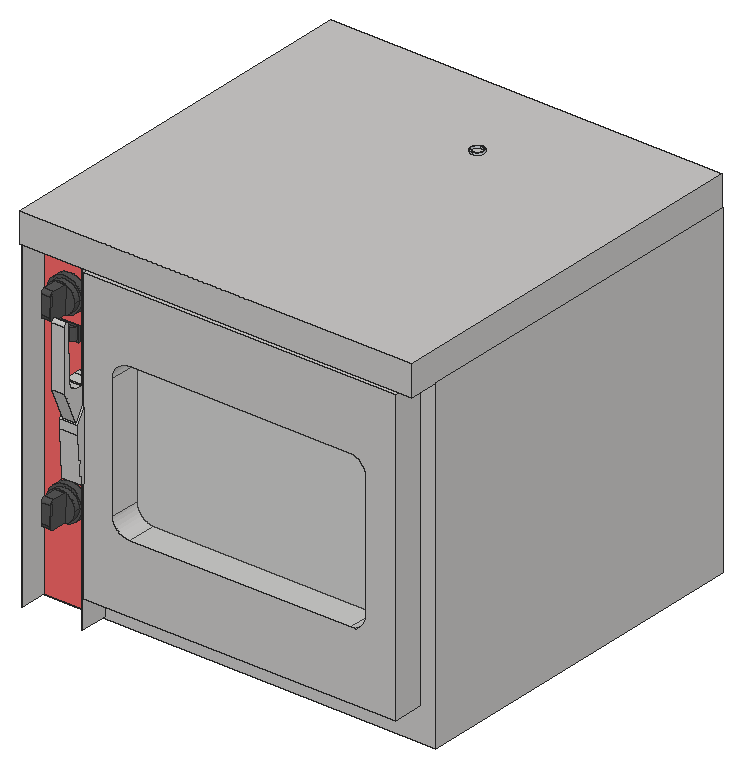
Revit family "ADB Fours 606CT", category Equipement spécialisé, Revit 2022
Family settings
  Cote de connecteur circulaire = Utiliser le diamètre
  Type d'élément = Normal
  Numéro OmniClass = 23.40.40.14.17.11
  Titre OmniClass = Cookers, Ovens, Stoves
  Basée sur le plan de construction = Non
  Toujours verticalement = Oui
  Couper avec des vides une fois chargée = Non
  Conserver l'orientation des annotations = Non
  Partagée = Non
  Repère de localisation dans la pièce = Non
Parameters (values of type "CFE 606 CT")
  URL catalogue = "https://www.ambassade-de-bourgogne.com/fr/produits/fours/Resources/CFE-606-CT.pdf"
  URL = "https://www.ambassade-de-bourgogne.com/fr/produits/fours/Resources/CFE-606-CT.pdf"
  Type de Raccord Electrique [instance] = "Bornier 40A"  # constant formula
  Type article = ""
  Tension [instance] = 230 V  # constant formula
  Support Four SF 606 [instance] = no
  Spécification du Fabricant = ""
  Sans option [instance] = not(SF500)  # yes
  SF500 [instance] = or(Support Four SF 606, [Echelles ECH 606 + Support Four SF 606])  # no
  Remarques Electricité [instance] = "230V(MONO) ou 400V(TRI)"  # constant formula
  Puissance électrique [instance] = 4800 W  # constant formula
  Profondeur [instance] = 679 mm  # constant formula
  Encombrement Porte standard [instance] = and(Encombrements, not(Porte inversée))  # yes
  Porte inversée [instance] = no
  Poids net à vide [instance] = 61.00 kg + if(or(Support Four SF 606, [Echelles ECH 606 + Support Four SF 606]), 12.00 kg, 0.00 kg)  # 61.00 kg
  Phase [instance] = 1  # constant formula
  Nombres de Pôles [instance] = Phase  # 1
  Modèle = "CFE 606 CT"
  Longueur [instance] = 650 mm  # constant formula
  Intensité nominale [instance] = Puissance électrique / (Tension * sqrt(Phase))  # 20.8696 A
  Ht Four = 618 mm  # constant formula
  Hauteur [instance] = if(SF500, 1459 mm, 618 mm)  # 618 mm
  Fréquence [instance] = 50 Hz  # constant formula
  Fabricant = "Société Industrielle de Lacanche"  # constant formula
  Encombrements [instance] = yes
  Encombrement Porte inversée [instance] = and(Encombrements, Porte inversée)  # no
  Elévation par défaut = 0 mm
  Echelles ECH 606 + Support Four SF 606 [instance] = no
  Décalage porte [instance] = if(Porte inversée, 32 mm, 106 mm)  # 106 mm
  Décalage poignée [instance] = if(Porte inversée, 580 mm, 106 mm)  # 106 mm
  Décalage commandes [instance] = if(Porte inversée, Longueur, 101 mm)  # 101 mm
  Description = "Four électrique à convection forcée 6 niveaux 450x400 au pas de 65mm"
  Connecteurs [instance] = yes
  Type Comments = ""
Reference planes
  plane 1 "Centre (avant/arrière)": y = 0
  plane 2: z = 0
  plane 3 "Centre (gauche/droite)": x = 0
  plane 4 "dessus": z = 618
  plane 5 "gauche": x = -325
  plane 6 "droite": x = 325
  plane 7 "avant": y = -339.5
  plane 8 "arrière": y = 339.5
  plane 9 "Bas Four": z = 0
  plane 10 "COMMANDE": x = -224
  plane 11: z = 22.5
  plane 12 "Elec X": x = -225
  plane 13 "ElecZ": z = 375
  plane 14: x = -258.15
  plane 15: x = -258.083
  plane 16 "Poignée": x = -219
Forms (mm)
  Revolve 1, solid, material "ADB_Plastic-Black", visible <- "SF500", detail levels medium+fine
    sketch origin (0, -224.019, 0) x (-1, 0, 0) y (0, 0, -1)
      loop
        line (-258.15, -34) -> (-258.15, 0) -> (-287.65, 0) -> (-287.65, -5) -> (-284.277, -5)
        arc (-284.277, -5) -> (-280.265, -6.403) -> (-278, -10) r 6.44
        line (-278, -10) -> (-278, -22) -> (-282, -22) -> (-288.176, -28.176) -> (-288.3, -34) -> (-258.15, -34)
      axis (-258.15, -34) -> (-258.15, 0)
    angle from 0 to 360
  Extrusion 2, solid, material "ADB_Stainless Steel-Polished", visible <- "SF500", detail levels medium+fine
    sketch origin (0, 0, 0) x (1, 0, 0) y (0, 1, 0)
      loop
        circle (258.15, -224.019) r 30.15
      loop
        circle (258.15, 286) r 30.15
      loop
        circle (-258.15, -224.019) r 30.15
      loop
        circle (-258.15, 286) r 30.15
    from 34 to 861.37
  Extrusion 3, solid, material "ADB_Stainless Steel-Polished", visible <- "SF500", detail levels medium+fine
    sketch origin (0, 0, 0) x (1, 0, 0) y (0, 1, 0)
      loop
        line (-258.083, 285.256) -> (-258.083, -224) -> (256.91, -224) -> (257.589, 286.039) -> (-258.083, 285.256)
    from 194.2 to 230.2
  Extrusion 4, solid, material "ADB_Stainless Steel-Polished", visible <- "SF500", detail levels medium+fine
    sketch origin (0, 0, 0) x (1, 0, 0) y (0, 1, 0)
      loop
        line (-258.15, -224) -> (258.15, -224) -> (258.15, 286) -> (-258.15, 286) -> (-258.15, -224)
    from 823 to 863
  Extrusion 5, solid, material "ADB_Stainless Steel-Polished", visible <- "Echelles ECH 606 + Support Four SF 606", detail levels medium+fine
    sketch origin (0, 0, 0) x (1, 0, 0) y (0, 1, 0)
      loop
        line (228.15, 181) -> (258.15, 181) -> (258.15, 182.5) -> (229.65, 182.5) -> (229.65, 211) -> (228.15, 211) -> (228.15, 181)
      loop
        line (229.65, -120.5) -> (258.15, -120.5) -> (258.15, -119) -> (228.15, -119) -> (228.15, -149) -> (229.65, -149) -> (229.65, -120.5)
      loop
        line (-228.15, 181) -> (-228.15, 211) -> (-229.65, 211) -> (-229.65, 182.5) -> (-258.15, 182.5) -> (-258.15, 181) -> (-228.15, 181)
      loop
        line (-229.65, -120.5) -> (-229.65, -149) -> (-228.15, -149) -> (-228.15, -119) -> (-258.15, -119) -> (-258.15, -120.5) -> (-229.65, -120.5)
    from 230.2 to 823
  Revolve 6, solid, material "ADB_Plastic-Black", visible <- "Sans option", detail levels medium+fine
    sketch origin (278, -15, 0) x (0, 1, 0) y (0, 0, 1)
      loop
        line (-163.5, 16.5) -> (-163.5, 11.5) -> (-165.25, 11.5) -> (-165.25, 9.2) -> (-174, 4) -> (-174, 0) -> (-154, 0) -> (-154, 22.5) -> (-158, 22.5) -> (-158, 16.5) -> (-163.5, 16.5)
      axis (-154, 0) -> (-154, 22.5)
    angle from 0 to 360
  Extrusion 7, solid, material "ADB_Stainless Steel-Polished", detail levels medium+fine
    sketch origin (325, 0, 0) x (0, 1, 0) y (0, 0, 1)
      loop
        line (339.5, 22.5) -> (339.5, 565.561) -> (-255.5, 565.561) -> (-255.5, 22.5) -> (339.5, 22.5)
    from -649 to 1
  Extrusion 8, solid, material "ADB_Stainless Steel-Polished", detail levels medium+fine
    sketch origin (325, 0, 0) x (0, 1, 0) y (0, 0, 1)
      loop
        line (-304.438, 615.5) -> (-304.438, 565.5) -> (339.5, 565.5) -> (339.5, 615.5) -> (-304.438, 615.5)
    from 0 to -650
  Extrusion 9, solid, material "ADB_Stainless Steel-Polished", detail levels medium+fine
    sketch origin (0, -339.5, 0) x (-1, 0, 0) y (0, 0, 1)
      loop
        line (219, 560.5) -> (-299, 560.5) -> (-299, 75.5) -> (219, 75.5) -> (219, 560.5)
      loop
        arc (-222.8, 448.184) -> (-242.033, 440.217) -> (-250, 420.984) r 27.2
        line (-250, 420.984) -> (-250, 215.482)
        arc (-250, 215.482) -> (-242.033, 196.249) -> (-222.8, 188.282) r 27.2
        line (-222.8, 188.282) -> (142.954, 188.282)
        arc (142.954, 188.282) -> (162.213, 196.259) -> (170.19, 215.518) r 27.235
        line (170.19, 215.518) -> (170.19, 420.873)
        arc (170.19, 420.873) -> (162.191, 440.185) -> (142.879, 448.184) r 27.311
        line (142.879, 448.184) -> (-222.8, 448.184)
    from 34 to 84
  Extrusion 10, solid, material "ADB_Stainless Steel-Polished", detail levels medium+fine
    sketch origin (-219, 0, 115) x (0, 0, -1) y (0, -1, 0)
      loop
        line (-207.5, 317) -> (-222.5, 317) -> (-246.309, 303.5) -> (-276.309, 303.5) -> (-277.477, 285.986) -> (-278, 276) -> (-127.5, 276) -> (-128.023, 285.986) -> (-132.5, 312) -> (-207.5, 317)
    from 0 to 30
  Extrusion 11, solid, material "ADB_Stainless Steel-Polished", detail levels medium+fine
    sketch origin (-219, 0, 115) x (0, 0, -1) y (0, -1, 0)
      loop
        line (-276.5, 338.528) -> (-376.5, 338.528)
        arc (-376.5, 338.528) -> (-380.405, 336.699) -> (-381.5, 332.528) r 5.083
        line (-381.5, 332.528) -> (-290.553, 329.352)
        arc (-290.553, 329.352) -> (-280.751, 325.242) -> (-276.133, 315.669) r 15
        line (-276.133, 315.669) -> (-275.069, 303.5) -> (-246.309, 303.5) -> (-225.094, 315.529) -> (-276.5, 338.528)
    from 4.5 to 25.5
  Extrusion 12, solid, material "ADB_Network_Electricity_Yellow", visible <- "Connecteurs", detail levels medium+fine
    sketch origin (240.887, 339.5, 565.561) x (0, 0, -1) y (-1, 0, 0)
      loop
        circle (190.561, 465.887) r 10
    from 0 to 10
  Extrusion 13, solid, detail levels coarse
    sketch origin (0, 0, 0) x (1, 0, 0) y (0, 1, 0)
      loop
        line (-325, 339.5) -> (-325, -339.5) -> (325, -339.5) -> (325, 339.5) -> (-325, 339.5)
    from 0 to 618 <- "Hauteur"
  Revolve 14, solid, material "ADB_Plastic-Black", visible <- "SF500", detail levels medium+fine
    sketch origin (-583.8, -224.019, 0) x (-1, 0, 0) y (0, 0, -1)
      loop
        line (-325.717, -34) -> (-325.717, 0) -> (-355.15, 0) -> (-355.15, -5) -> (-351.777, -5)
        arc (-351.777, -5) -> (-347.765, -6.403) -> (-345.5, -10) r 6.44
        line (-345.5, -10) -> (-345.5, -22) -> (-349.5, -22) -> (-355.676, -28.176) -> (-355.8, -34) -> (-325.717, -34)
      axis (-325.717, -34) -> (-325.717, 0)
    angle from 0 to 360
  Revolve 15, solid, material "ADB_Plastic-Black", visible <- "SF500", detail levels medium+fine
    sketch origin (0, 286, 0) x (-1, 0, 0) y (0, 0, -1)
      loop
        line (-258.15, -34) -> (-258.15, 0) -> (-287.65, 0) -> (-287.65, -5) -> (-284.277, -5)
        arc (-284.277, -5) -> (-280.265, -6.403) -> (-278, -10) r 6.44
        line (-278, -10) -> (-278, -22) -> (-282, -22) -> (-288.176, -28.176) -> (-288.3, -34) -> (-258.15, -34)
      axis (-258.15, -34) -> (-258.15, 0)
    angle from 0 to 360
  Revolve 16, solid, material "ADB_Plastic-Black", visible <- "SF500", detail levels medium+fine
    sketch origin (-583.8, 286, 0) x (-1, 0, 0) y (0, 0, -1)
      loop
        line (-325.65, -34) -> (-325.65, 0) -> (-355.15, 0) -> (-355.15, -5) -> (-351.777, -5)
        arc (-351.777, -5) -> (-347.765, -6.403) -> (-345.5, -10) r 6.44
        line (-345.5, -10) -> (-345.5, -22) -> (-349.5, -22) -> (-355.676, -28.176) -> (-355.8, -34) -> (-325.65, -34)
      axis (-325.65, -34) -> (-325.65, 0)
    angle from 0 to 360
  Extrusion 17, solid, detail levels fine
    sketch origin (0, 0, 618) x (0, -1, 0) y (1, 0, 0)
      loop
        circle (-188.5, 40) r 10.648
      loop
        circle (-188.5, 40) r 9.047
    from -2.5 to 0
  Revolve 18, solid, material "ADB_Plastic-Black", visible <- "Sans option", detail levels medium+fine
    sketch origin (278, 385, 0) x (0, 1, 0) y (0, 0, 1)
      loop
        line (-163.5, 16.5) -> (-163.5, 11.5) -> (-165.25, 11.5) -> (-165.25, 9.2) -> (-174, 4) -> (-174, 0) -> (-154, 0) -> (-154, 22.5) -> (-158, 22.5) -> (-158, 16.5) -> (-163.5, 16.5)
      axis (-154, 0) -> (-154, 22.5)
    angle from 0 to 360
  Revolve 19, solid, material "ADB_Plastic-Black", visible <- "Sans option", detail levels medium+fine
    sketch origin (-278, -15, 0) x (0, 1, 0) y (0, 0, -1)
      loop
        line (-163.5, -16.5) -> (-158, -16.5) -> (-158, -22.5) -> (-154, -22.5) -> (-154, 0) -> (-174, 0) -> (-174, -4) -> (-165.25, -9.2) -> (-165.25, -11.5) -> (-163.5, -11.5) -> (-163.5, -16.5)
      axis (-154, 0) -> (-154, -22.5)
    angle from 0 to 360
  Revolve 20, solid, material "ADB_Plastic-Black", visible <- "Sans option", detail levels medium+fine
    sketch origin (-278, 385, 0) x (0, 1, 0) y (0, 0, -1)
      loop
        line (-163.5, -16.5) -> (-158, -16.5) -> (-158, -22.5) -> (-154, -22.5) -> (-154, 0) -> (-174, 0) -> (-174, -4) -> (-165.25, -9.2) -> (-165.25, -11.5) -> (-163.5, -11.5) -> (-163.5, -16.5)
      axis (-154, 0) -> (-154, -22.5)
    angle from 0 to 360
  Extrusion 21, solid, material "ADB_Stainless Steel-Polished", detail levels medium+fine
    sketch origin (0, 0, 0) x (-1, 0, 0) y (0, -1, 0)
      loop
        line (324, 255.5) -> (324, 301.3) -> (322.5, 301.3) -> (322.5, 258) -> (225.5, 258) -> (225.5, 301.3) -> (224, 301.3) -> (224, 255.5) -> (324, 255.5)
    from 25.5 to 565.561
  Revolve 22, solid, material "ADB_Plastic-Black", visible <- "SF500", not visible, detail levels medium+fine
    sketch origin (-583.8, -224.019, 0) x (-1, 0, 0) y (0, 0, -1)
      loop
        line (-325.717, -34) -> (-325.717, 0) -> (-355.15, 0) -> (-355.15, -5) -> (-351.777, -5)
        arc (-351.777, -5) -> (-347.765, -6.403) -> (-345.5, -10) r 6.44
        line (-345.5, -10) -> (-345.5, -22) -> (-349.5, -22) -> (-355.676, -28.176) -> (-355.8, -34) -> (-325.717, -34)
      axis (-325.717, -34) -> (-325.717, 0)
    angle from 0 to 360
  Revolve 23, solid, material "ADB_Plastic-Black", visible <- "SF500", not visible, detail levels medium+fine
    sketch origin (-583.8, 286, 0) x (-1, 0, 0) y (0, 0, -1)
      loop
        line (-325.65, -34) -> (-325.65, 0) -> (-355.15, 0) -> (-355.15, -5) -> (-351.777, -5)
        arc (-351.777, -5) -> (-347.765, -6.403) -> (-345.5, -10) r 6.44
        line (-345.5, -10) -> (-345.5, -22) -> (-349.5, -22) -> (-355.676, -28.176) -> (-355.8, -34) -> (-325.65, -34)
      axis (-325.65, -34) -> (-325.65, 0)
    angle from 0 to 360
  Extrusion 24, solid, material "ADB_Plastic-Black", detail levels fine
    sketch origin (0, 0, 0) x (-1, 0, 0) y (0, -1, 0)
      loop
        line (262.5, 260) -> (262.5, 258) -> (294.5, 258) -> (294.5, 260) -> (262.5, 260)
    from 421 to 446
  Extrusion 25, solid, material "ADB_Plastic-Black", detail levels fine
    sketch origin (0, 0, 0) x (-1, 0, 0) y (0, -1, 0)
      loop
        arc (291, 260) -> (280.875, 261.811) -> (272.005, 267.018) r 29.216
        arc (272.005, 267.018) -> (268.346, 264.071) -> (266, 260) r 12.769
        line (266, 260) -> (291, 260)
    from 424 to 443
  Extrusion 26, solid, material "ADB_Glass-Transparent", detail levels medium+fine
    sketch origin (0, -339.5, 0) x (-1, 0, 0) y (0, 0, 1)
      loop
        arc (-222.8, 448.184) -> (-242.033, 440.217) -> (-250, 420.984) r 27.2
        line (-250, 420.984) -> (-250, 215.482)
        arc (-250, 215.482) -> (-242.033, 196.249) -> (-222.8, 188.282) r 27.2
        line (-222.8, 188.282) -> (142.99, 188.282)
        arc (142.99, 188.282) -> (162.223, 196.249) -> (170.19, 215.482) r 27.2
        line (170.19, 215.482) -> (170.19, 420.984)
        arc (170.19, 420.984) -> (162.223, 440.217) -> (142.99, 448.184) r 27.2
        line (142.99, 448.184) -> (-222.8, 448.184)
    from 34 to 84
Cuts and joins
  joined: Extrusion 2, Extrusion 3, Extrusion 4
Lines and regions (mm)
  symbolic lines, style "SpecialityEquipmentHiddenLines", visible <- "Encombrement Porte standard"
    curve 1: line (299, -305.5, 0) -> (299, -823.5, 0)
    curve 2: arc (299, -823.5, 0) -> (-67.281, -671.781, 0) -> (-219, -305.5, 0) r 518
  symbolic lines, style "SpecialityEquipmentHiddenLines", visible <- "Porte inversée"
    curve 3: line (-219, -305.5, 0) -> (-219, -823.5, 0)
    curve 4: arc (-219, -823.5, 0) -> (147.281, -671.781, 0) -> (299, -305.5, 0) r 518
Dimensions and locks
  "Hauteur": plane 4 "dessus" to plane 2
  equal spacing: plane 5 "gauche", plane 3 "Centre (gauche/droite)", plane 6 "droite"
  "Longueur": plane 5 "gauche" to plane 6 "droite"
  equal spacing: plane 8 "arrière", plane 1 "Centre (avant/arrière)", plane 7 "avant"
  "Profondeur": plane 8 "arrière" to plane 7 "avant"
  "Ht Four": plane 4 "dessus" to plane 9 "Bas Four"
  locked: Extrusion 7 to plane 5 "gauche" at 1
  "Décalage porte": Extrusion 9 sketch curve to plane 5 "gauche"
  "Décalage commandes": plane 10 "COMMANDE" to plane 5 "gauche"
  locked: plane 9 "Bas Four" to plane 11 at 22.5
  plane 6 "droite" to plane 12 "Elec X" = 550 mm
  locked: plane 9 "Bas Four" to plane 13 "ElecZ" at 375
  Extrusion 21 sketch curve to Extrusion 21 sketch curve to plane 10 "COMMANDE" = 1.5 mm locked, 98.5 mm locked
  locked: Extrusion 9 sketch curve to Extrusion 9 sketch curve at 48.81
  Extrusion 9 sketch curve to Extrusion 9 sketch curve to Extrusion 9 sketch curve = 420.19 mm locked, 49 mm locked
  locked: plane 5 "gauche" to plane 14 at 66.85
  Revolve 1 sketch curve to Revolve 1 sketch curve to Revolve 1 sketch curve to Revolve 1 sketch curve to plane 2 = 5.824 mm locked, 6.176 mm locked, 12 mm locked, 10 mm locked
  Revolve 15 sketch curve to Revolve 15 sketch curve to Revolve 15 sketch curve to Revolve 15 sketch curve to plane 2 = 5.824 mm locked, 6.176 mm locked, 12 mm locked, 10 mm locked
  locked: plane 5 "gauche" to plane 15 at 66.917
  plane 15 to Extrusion 5 sketch curve to Extrusion 5 sketch curve = 28.433 mm locked, 1.5 mm locked  (x2)
  plane 16 "Poignée" to plane 5 "gauche" = 106 mm
  "Décalage poignée": plane 16 "Poignée" to plane 5 "gauche"
  Extrusion 24 sketch curve to Extrusion 24 sketch curve to plane 10 "COMMANDE" = 32 mm locked, 38.5 mm locked
  Extrusion 25 sketch curve to Extrusion 25 sketch curve to Extrusion 25 sketch curve to plane 10 "COMMANDE" = 18.995 mm locked, 6.005 mm locked, 42 mm locked
  locked: Extrusion 9 to Extrusion 26 sketch curve at 48.81
  locked: Extrusion 26 sketch curve to Extrusion 26 sketch curve at 420.19
  radius of Extrusion 9 sketch curve = 27.2 mm  (x2)
  radius of Extrusion 9 sketch curve = 27.311 mm
  radius of Extrusion 9 sketch curve = 27.235 mm
  radius of Extrusion 25 sketch curve = 29.216 mm
  radius of Extrusion 25 sketch curve = 12.769 mm
  radius of Extrusion 26 sketch curve = 27.2 mm  (x4)
  aligned and locked: level to plane 2
  aligned and locked: Extrusion 8 to plane 5 "gauche"
  aligned and locked: Extrusion 12 to plane 12 "Elec X"
  aligned and locked: Extrusion 12 sketch curve to plane 13 "ElecZ"
  aligned and locked: Extrusion 12 sketch curve to plane 12 "Elec X"
  aligned and locked: plane 14 to Extrusion 2 sketch curve  (x2)
  aligned and locked: Extrusion 9 to curve 2
Automatic sketch dimensions
  Revolve 1 sketch curve to level = 0 mm  (x2)
  Revolve 1 sketch curve to plane 6 "droite" = 36.7 mm
  Revolve 1 sketch curve to Revolve 1 sketch curve = 0.124 mm
  level to Revolve 1 sketch curve = 5 mm
  Revolve 1 sketch curve to Revolve 1 sketch curve = 0.526 mm
  Revolve 1 sketch curve to Revolve 1 sketch curve = 3.373 mm
  Revolve 1 sketch curve to Revolve 1 sketch curve = 6.176 mm
  Revolve 1 sketch curve to Revolve 1 sketch curve = 4 mm
  Revolve 1 sketch curve to Revolve 1 sketch curve = 19.85 mm
  Revolve 1 sketch curve to Revolve 1 sketch curve = 0 mm  (x2)
  Revolve 6 sketch curve to level = 0 mm
  plane 7 "avant" to Revolve 6 sketch curve = 150.5 mm
  Revolve 6 sketch curve to Revolve 6 sketch curve = 8.75 mm
  Revolve 6 sketch curve to Revolve 6 sketch curve = 1.75 mm
  plane 11 to Revolve 6 sketch curve = 0 mm
  Revolve 6 sketch curve to Revolve 6 sketch curve = 5.5 mm
  Revolve 6 sketch curve to Revolve 6 sketch curve = 4 mm
  level to Revolve 6 sketch curve = 4 mm
  level to Revolve 6 sketch curve = 9.2 mm
  Revolve 6 sketch curve to Revolve 6 sketch curve = 2.3 mm
  Revolve 6 sketch curve to Revolve 6 sketch curve = 5 mm
  Revolve 6 sketch curve to Revolve 6 sketch curve = 0 mm  (x3)
  plane 11 to Extrusion 7 sketch curve = 0 mm
  Extrusion 7 sketch curve to plane 8 "arrière" = 0 mm
  plane 7 "avant" to Extrusion 7 sketch curve = 84 mm
  plane 4 "dessus" to Extrusion 7 sketch curve = 52.439 mm
  Extrusion 8 sketch curve to plane 8 "arrière" = 0 mm
  plane 4 "dessus" to Extrusion 8 sketch curve = 2.5 mm
  plane 7 "avant" to Extrusion 8 sketch curve = 35.062 mm
  Extrusion 8 sketch curve to Extrusion 8 sketch curve = 50 mm
  Extrusion 13 sketch curve to plane 5 "gauche" = 0 mm
  Extrusion 13 sketch curve to plane 6 "droite" = 0 mm
  Extrusion 13 sketch curve to plane 7 "avant" = 0 mm
  Extrusion 13 sketch curve to plane 8 "arrière" = 0 mm
  Revolve 14 sketch curve to Revolve 14 sketch curve = 0.124 mm
  Revolve 14 sketch curve to Revolve 14 sketch curve = 0.526 mm
  Revolve 14 sketch curve to Revolve 14 sketch curve = 3.373 mm
  Revolve 14 sketch curve to Revolve 14 sketch curve = 6.176 mm  (x2)
  Revolve 14 sketch curve to Revolve 14 sketch curve = 4 mm
  Revolve 14 sketch curve to Revolve 14 sketch curve = 0 mm  (x3)
  Revolve 15 sketch curve to level = 0 mm  (x2)
  Revolve 15 sketch curve to plane 6 "droite" = 36.7 mm
  Revolve 15 sketch curve to Revolve 15 sketch curve = 0.124 mm
  level to Revolve 15 sketch curve = 5 mm
  Revolve 15 sketch curve to Revolve 15 sketch curve = 0.526 mm
  Revolve 15 sketch curve to Revolve 15 sketch curve = 3.373 mm
  Revolve 15 sketch curve to Revolve 15 sketch curve = 6.176 mm
  Revolve 15 sketch curve to Revolve 15 sketch curve = 4 mm
  Revolve 15 sketch curve to Revolve 15 sketch curve = 19.85 mm
  Revolve 15 sketch curve to Revolve 15 sketch curve = 0 mm  (x2)
  Revolve 16 sketch curve to Revolve 16 sketch curve = 0.124 mm
  Revolve 16 sketch curve to Revolve 16 sketch curve = 0.526 mm
  Revolve 16 sketch curve to Revolve 16 sketch curve = 3.373 mm
  Revolve 16 sketch curve to Revolve 16 sketch curve = 6.176 mm  (x2)
  Revolve 16 sketch curve to Revolve 16 sketch curve = 4 mm
  Revolve 16 sketch curve to Revolve 16 sketch curve = 19.85 mm
  Revolve 16 sketch curve to Revolve 16 sketch curve = 0 mm  (x3)
  Extrusion 17 sketch curve to Extrusion 17 sketch curve = 0 mm  (x2)
  plane 3 "Centre (gauche/droite)" to Extrusion 17 sketch curve = 40 mm
  Extrusion 17 sketch curve to plane 8 "arrière" = 151 mm
  Revolve 18 sketch curve to level = 0 mm
  Revolve 18 sketch curve to plane 8 "arrière" = 128.5 mm
  Revolve 18 sketch curve to Revolve 18 sketch curve = 8.75 mm
  Revolve 18 sketch curve to Revolve 18 sketch curve = 1.75 mm
  plane 11 to Revolve 18 sketch curve = 0 mm
  Revolve 18 sketch curve to Revolve 18 sketch curve = 5.5 mm
  Revolve 18 sketch curve to Revolve 18 sketch curve = 4 mm
  level to Revolve 18 sketch curve = 4 mm
  level to Revolve 18 sketch curve = 9.2 mm
  Revolve 18 sketch curve to Revolve 18 sketch curve = 2.3 mm
  Revolve 18 sketch curve to Revolve 18 sketch curve = 5 mm
  Revolve 18 sketch curve to Revolve 18 sketch curve = 0 mm  (x3)
  Revolve 19 sketch curve to level = 0 mm
  plane 7 "avant" to Revolve 19 sketch curve = 150.5 mm
  Revolve 19 sketch curve to Revolve 19 sketch curve = 8.75 mm
  Revolve 19 sketch curve to Revolve 19 sketch curve = 1.75 mm
  plane 11 to Revolve 19 sketch curve = 0 mm
  Revolve 19 sketch curve to Revolve 19 sketch curve = 5.5 mm
  Revolve 19 sketch curve to Revolve 19 sketch curve = 4 mm
  Revolve 19 sketch curve to Revolve 19 sketch curve = 6 mm
  Revolve 19 sketch curve to Revolve 19 sketch curve = 5 mm
  Revolve 19 sketch curve to Revolve 19 sketch curve = 2.3 mm
  level to Revolve 19 sketch curve = 4 mm
  Revolve 19 sketch curve to Revolve 19 sketch curve = 0 mm  (x3)
  Revolve 20 sketch curve to level = 0 mm
  Revolve 20 sketch curve to plane 8 "arrière" = 128.5 mm
  Revolve 20 sketch curve to Revolve 20 sketch curve = 8.75 mm
  Revolve 20 sketch curve to Revolve 20 sketch curve = 1.75 mm
  plane 11 to Revolve 20 sketch curve = 0 mm
  Revolve 20 sketch curve to Revolve 20 sketch curve = 5.5 mm
  Revolve 20 sketch curve to Revolve 20 sketch curve = 4 mm
  Revolve 20 sketch curve to Revolve 20 sketch curve = 6 mm
  Revolve 20 sketch curve to Revolve 20 sketch curve = 5 mm
  Revolve 20 sketch curve to Revolve 20 sketch curve = 2.3 mm
  level to Revolve 20 sketch curve = 4 mm
  Revolve 20 sketch curve to Revolve 20 sketch curve = 0 mm  (x3)
  Extrusion 21 sketch curve to Extrusion 21 sketch curve = 2.5 mm
  Extrusion 21 sketch curve to Extrusion 21 sketch curve = 43.3 mm  (x2)
  Extrusion 21 sketch curve to plane 10 "COMMANDE" = 1.5 mm
  Extrusion 21 sketch curve to Extrusion 21 sketch curve = 1.5 mm
  plane 7 "avant" to Extrusion 21 sketch curve = 84 mm
  Extrusion 2 sketch curve to plane 6 "droite" = 66.85 mm  (x2)
  plane 7 "avant" to Extrusion 2 sketch curve = 115.481 mm  (x2)
  Extrusion 2 sketch curve to plane 8 "arrière" = 53.5 mm  (x2)
  Extrusion 2 sketch curve to Extrusion 2 sketch curve = 30.15 mm  (x2)
  Extrusion 4 sketch curve to plane 6 "droite" = 66.85 mm
  plane 7 "avant" to Extrusion 4 sketch curve = 115.5 mm
  Extrusion 4 sketch curve to plane 8 "arrière" = 53.5 mm
  Extrusion 4 sketch curve to plane 15 = 0.067 mm
  Extrusion 3 sketch curve to plane 15 = 0 mm
  Extrusion 3 sketch curve to plane 6 "droite" = 68.09 mm
  Extrusion 3 sketch curve to plane 6 "droite" = 67.411 mm
  plane 7 "avant" to Extrusion 3 sketch curve = 115.5 mm
  Extrusion 3 sketch curve to plane 8 "arrière" = 53.461 mm
  Extrusion 3 sketch curve to plane 8 "arrière" = 54.244 mm
  Revolve 14 sketch curve to Revolve 14 sketch curve = 19.783 mm
  Revolve 14 sketch curve to Revolve 14 sketch curve = 5.824 mm
  Revolve 14 sketch curve to Revolve 14 sketch curve = 10.56 mm
  Revolve 14 sketch curve to Revolve 14 sketch curve = 1.44 mm
  Revolve 14 sketch curve to Revolve 14 sketch curve = 5 mm
  Revolve 16 sketch curve to Revolve 16 sketch curve = 5.824 mm
  Revolve 16 sketch curve to Revolve 16 sketch curve = 10.56 mm
  Revolve 16 sketch curve to Revolve 16 sketch curve = 1.44 mm
  Revolve 16 sketch curve to Revolve 16 sketch curve = 5 mm
  Revolve 22 sketch curve to Revolve 22 sketch curve = 0.124 mm
  Revolve 22 sketch curve to Revolve 22 sketch curve = 0.526 mm
  Revolve 22 sketch curve to Revolve 22 sketch curve = 3.373 mm
  Revolve 22 sketch curve to Revolve 22 sketch curve = 6.176 mm  (x2)
  Revolve 22 sketch curve to Revolve 22 sketch curve = 4 mm
  Revolve 22 sketch curve to Revolve 22 sketch curve = 0 mm  (x3)
  Revolve 23 sketch curve to Revolve 23 sketch curve = 0.124 mm
  Revolve 23 sketch curve to Revolve 23 sketch curve = 0.526 mm
  Revolve 23 sketch curve to Revolve 23 sketch curve = 3.373 mm
  Revolve 23 sketch curve to Revolve 23 sketch curve = 6.176 mm  (x2)
  Revolve 23 sketch curve to Revolve 23 sketch curve = 4 mm
  Revolve 23 sketch curve to Revolve 23 sketch curve = 19.85 mm
  Revolve 23 sketch curve to Revolve 23 sketch curve = 0 mm  (x3)
  Revolve 22 sketch curve to Revolve 22 sketch curve = 19.783 mm
  Revolve 22 sketch curve to Revolve 22 sketch curve = 5.824 mm
  Revolve 22 sketch curve to Revolve 22 sketch curve = 10.56 mm
  Revolve 22 sketch curve to Revolve 22 sketch curve = 1.44 mm
  Revolve 22 sketch curve to Revolve 22 sketch curve = 5 mm
  Revolve 23 sketch curve to Revolve 23 sketch curve = 5.824 mm
  Revolve 23 sketch curve to Revolve 23 sketch curve = 10.56 mm
  Revolve 23 sketch curve to Revolve 23 sketch curve = 1.44 mm
  Revolve 23 sketch curve to Revolve 23 sketch curve = 5 mm
  plane 13 "ElecZ" to Extrusion 10 sketch curve = 18 mm
  Extrusion 10 sketch curve to Extrusion 10 sketch curve = 0.523 mm  (x2)
  Extrusion 10 sketch curve to Extrusion 10 sketch curve = 1.168 mm
  plane 7 "avant" to Extrusion 10 sketch curve = 36 mm
  Extrusion 10 sketch curve to Extrusion 10 sketch curve = 30 mm
  Extrusion 10 sketch curve to Extrusion 10 sketch curve = 23.809 mm
  plane 7 "avant" to Extrusion 10 sketch curve = 22.5 mm
  Extrusion 10 sketch curve to Extrusion 10 sketch curve = 15 mm
  plane 7 "avant" to Extrusion 10 sketch curve = 27.5 mm
  Extrusion 10 sketch curve to Extrusion 10 sketch curve = 75 mm
  plane 7 "avant" to Extrusion 10 sketch curve = 53.514 mm
  Extrusion 10 sketch curve to Extrusion 10 sketch curve = 4.477 mm
  plane 7 "avant" to Extrusion 10 sketch curve = 63.5 mm
  Extrusion 10 sketch curve to Extrusion 10 sketch curve = 9.986 mm
  plane 13 "ElecZ" to Extrusion 11 sketch curve = 121.5 mm
  plane 7 "avant" to Extrusion 11 sketch curve = 0.972 mm
  plane 13 "ElecZ" to Extrusion 11 sketch curve = 116.5 mm
  plane 7 "avant" to Extrusion 11 sketch curve = 25.139 mm
  plane 13 "ElecZ" to Extrusion 11 sketch curve = 31.076 mm
  plane 7 "avant" to Extrusion 11 sketch curve = 10.148 mm
  Extrusion 11 sketch curve to Extrusion 11 sketch curve = 0.523 mm
  Extrusion 11 sketch curve to Extrusion 11 sketch curve = 14.053 mm
  plane 7 "avant" to Extrusion 11 sketch curve = 23.831 mm
  plane 7 "avant" to Extrusion 11 sketch curve = 36 mm
  Extrusion 11 sketch curve to Extrusion 11 sketch curve = 1.065 mm
  Extrusion 11 sketch curve to Extrusion 11 sketch curve = 28.76 mm
  plane 7 "avant" to Extrusion 11 sketch curve = 23.971 mm
  Extrusion 11 sketch curve to Extrusion 11 sketch curve = 21.215 mm
  plane 7 "avant" to Extrusion 11 sketch curve = 6.972 mm
  plane 7 "avant" to Extrusion 24 sketch curve = 81.5 mm
  Extrusion 24 sketch curve to Extrusion 24 sketch curve = 2 mm
  plane 7 "avant" to Extrusion 25 sketch curve = 83.731 mm
  Extrusion 26 sketch curve to plane 11 = 165.782 mm
  plane 13 "ElecZ" to Extrusion 26 sketch curve = 45.984 mm
  curve 4 to curve 3 = 0 mm
  curve 2 to plane 6 "droite" = 26 mm
  curve 1 to plane 6 "droite" = 26 mm
  plane 7 "avant" to curve 4 = 34 mm
  plane 7 "avant" to curve 2 = 34 mm
  curve 3 to plane 7 "avant" = 484 mm
  curve 2 to curve 1 = 0 mm
  Extrusion 5 sketch curve to plane 15 = 0.067 mm  (x2)
  Extrusion 5 sketch curve to plane 6 "droite" = 96.85 mm  (x2)
  Extrusion 5 sketch curve to Extrusion 5 sketch curve = 1.5 mm  (x6)
  Extrusion 5 sketch curve to Extrusion 5 sketch curve = 28.5 mm  (x6)
  plane 1 "Centre (avant/arrière)" to Extrusion 5 sketch curve = 149 mm  (x2)
  Extrusion 5 sketch curve to plane 8 "arrière" = 158.5 mm  (x2)
  Extrusion 9 sketch curve to plane 11 = 53 mm
  Extrusion 9 sketch curve to Extrusion 9 sketch curve = 112.782 mm
  plane 13 "ElecZ" to Extrusion 9 sketch curve = 45.873 mm
  plane 4 "dessus" to Extrusion 9 sketch curve = 57.5 mm
  radius of Extrusion 12 sketch curve = 10 mm
  radius of Extrusion 17 sketch curve = 10.648 mm
  radius of Extrusion 17 sketch curve = 9.047 mm
  radius of Extrusion 2 sketch curve = 30.15 mm  (x2)
Nested families
  nested 1: "ECH 500" at (-228.15, -2.694, 299), visible <- "Echelles ECH 606 + Support Four SF 606", type "ECH 500", detail levels medium+fine
  nested 2: "ECH 500" at (228.15, -2.694, 299) x (-1, 0, 0) z (0, 0, 1), visible <- "Echelles ECH 606 + Support Four SF 606", type "ECH 500", detail levels medium+fine
  nested 3: "ECH 500" at (-228.15, -2.694, 364), visible <- "Echelles ECH 606 + Support Four SF 606", type "ECH 500", detail levels medium+fine
  nested 4: "ECH 500" at (228.15, -2.694, 364) x (-1, 0, 0) z (0, 0, 1), visible <- "Echelles ECH 606 + Support Four SF 606", type "ECH 500", detail levels medium+fine
  nested 5: "ECH 500" at (-228.15, -2.694, 429), visible <- "Echelles ECH 606 + Support Four SF 606", type "ECH 500", detail levels medium+fine
  nested 6: "ECH 500" at (228.15, -2.694, 429) x (-1, 0, 0) z (0, 0, 1), visible <- "Echelles ECH 606 + Support Four SF 606", type "ECH 500", detail levels medium+fine
  nested 7: "ECH 500" at (-228.15, -2.694, 494), visible <- "Echelles ECH 606 + Support Four SF 606", type "ECH 500", detail levels medium+fine
  nested 8: "ECH 500" at (228.15, -2.694, 494) x (-1, 0, 0) z (0, 0, 1), visible <- "Echelles ECH 606 + Support Four SF 606", type "ECH 500", detail levels medium+fine
  nested 9: "ECH 500" at (-228.15, -2.694, 559), visible <- "Echelles ECH 606 + Support Four SF 606", type "ECH 500", detail levels medium+fine
  nested 10: "ECH 500" at (228.15, -2.694, 559) x (-1, 0, 0) z (0, 0, 1), visible <- "Echelles ECH 606 + Support Four SF 606", type "ECH 500", detail levels medium+fine
  nested 11: "ECH 500" at (-228.15, -2.694, 624), visible <- "Echelles ECH 606 + Support Four SF 606", type "ECH 500", detail levels medium+fine
  nested 12: "ECH 500" at (228.15, -2.694, 624) x (-1, 0, 0) z (0, 0, 1), visible <- "Echelles ECH 606 + Support Four SF 606", type "ECH 500", detail levels medium+fine
  nested 13: "ECH 500" at (-228.15, -2.694, 689), visible <- "Echelles ECH 606 + Support Four SF 606", type "ECH 500", detail levels medium+fine
  nested 14: "ECH 500" at (228.15, -2.694, 689) x (-1, 0, 0) z (0, 0, 1), visible <- "Echelles ECH 606 + Support Four SF 606", type "ECH 500", detail levels medium+fine
  nested 15: "ECH 500" at (-228.15, -2.694, 754), visible <- "Echelles ECH 606 + Support Four SF 606", type "ECH 500", detail levels medium+fine
  nested 16: "ECH 500" at (228.15, -2.694, 754) x (-1, 0, 0) z (0, 0, 1), visible <- "Echelles ECH 606 + Support Four SF 606", type "ECH 500", detail levels medium+fine
  nested 17: "Bouton" at (-278.77, -258, 490.666) x (-1, 0, 0.01) z (0, -1, 0), type "Bouton"
  nested 18: "Bouton" at (-278.77, -258, 180.666) x (-1, 0, 0.01) z (0, -1, 0), type "Bouton"
Connectors
  electrical at (-225, 339.5, 375), driven by "Nombres de Pôles", driven by "Tension", driven by "Puissance électrique"
    settings: on Extrusion 12, index 1, voltage 230 V, apparent load 4800 VA, apparent load phase1 0 VA, apparent load phase2 0 VA, apparent load phase3 0 VA, power factor 1, load classification "Autre", number of poles 1, system type 30, power factor state 1, is connector primary yes, connector utility no, sub classification motor no, connector description ""
Definition of nested family "ECH 500"
  Parameters
    Default Elevation = 0 mm
  Reference planes
    plane 1 "Centre (avant/arrière)": y = 0
    plane 2: z = 0
    plane 3 "Centre (gauche/droite)": x = 0
  Forms (mm)
    Extrusion 1, solid
      sketch origin (201, 0.194, -291.5) x (1, 0, 0) y (0, 0, 1)
        loop
          line (-201, 311.5) -> (-201, 296.014)
          arc (-201, 296.014) -> (-199.678, 292.822) -> (-196.486, 291.5) r 4.514
          line (-196.486, 291.5) -> (-187, 291.5) -> (-187, 292.5) -> (-196.5, 292.5)
          arc (-196.5, 292.5) -> (-198.975, 293.525) -> (-200, 296) r 3.5
          line (-200, 296) -> (-200, 310.5) -> (-193, 310.5) -> (-193, 311.5) -> (-201, 311.5)
      from -208.5 to 141.5
    Extrusion 2, void
      sketch origin (1, 0.194, 20) x (0, 1, 0) y (1, 0, 0)
        loop
          line (-111.5, 0) -> (-111.5, 7) -> (-141.5, 7) -> (-141.5, 0) -> (-111.5, 0)
        loop
          line (178.5, 0) -> (208.5, 0) -> (208.5, 7) -> (178.5, 7) -> (178.5, 0)
      from 0 to 1
  Cuts and joins
    Extrusion 2 cuts Extrusion 1
  Dimensions and locks
    aligned and locked: level to plane 2
Definition of nested family "Bouton"
  Parameters (values of type "Bouton")
    Matériau base bouton = none
    Default Elevation = 1219.2 mm
  Reference planes
    plane 1 "Centre (avant/arrière)": y = 0
    plane 2: z = 0
    plane 3 "Centre (gauche/droite)": x = 0
  Forms (mm)
    Extrusion 1, solid
      sketch origin (0, 0, 0) x (1, 0, 0) y (0, 1, 0)
        loop
          line (-1219.2, 1219.2) -> (-1219.2, -1219.2) -> (1219.2, -1219.2) -> (1219.2, 1219.2) -> (-1219.2, 1219.2)
      from 0 to -304.8
    Extrusion 2, solid, material <- "Matériau base bouton", detail levels fine
      sketch origin (0, 0, 0) x (1, 0, 0) y (0, 1, 0)
        loop
          circle (0, 0) r 28.5
      from 0 to 11.5
    Extrusion 3, solid, detail levels fine
      sketch origin (0, 0, 0) x (1, 0, 0) y (0, 1, 0)
        loop
          circle (0, 0) r 24.1
      from 11.5 to 20.5
    Extrusion 4, solid, detail levels fine
      sketch origin (0, 0, 0) x (1, 0, 0) y (0, 0, 1)
        loop
          line (-8.082, 20.5) -> (8.082, 20.5) -> (7.58, 49.253)
          arc (7.58, 49.253) -> (6.684, 51.34) -> (4.581, 52.2) r 3
          line (4.581, 52.2) -> (-4.581, 52.2)
          arc (-4.581, 52.2) -> (-6.684, 51.34) -> (-7.58, 49.253) r 3
          line (-7.58, 49.253) -> (-8.082, 20.5)
      from -22.082 to 22.162
    Extrusion 5, void
      sketch origin (0, 0, 0) x (0, 1, 0) y (0, 0, 1)
        loop
          line (-15.762, 50.701) -> (15.682, 50.701)
          arc (15.682, 50.701) -> (20.208, 48.826) -> (22.082, 44.301) r 6.4
          line (22.082, 44.301) -> (22.082, 41.701) -> (24.232, 41.701) -> (24.232, 54.688) -> (-24.768, 54.688) -> (-24.768, 41.701) -> (-22.162, 41.701) -> (-22.162, 44.301)
          arc (-22.162, 44.301) -> (-20.287, 48.826) -> (-15.762, 50.701) r 6.4
      from -15.908 to 13.709
  Cuts and joins
    Extrusion 5 cuts Extrusion 4
  Lines and regions (mm)
    symbolic lines, detail levels fine
      curve 1: line (0, -28.5, 0) -> (0, 28.5, 0)
  Dimensions and locks
    aligned and locked: plane 2 to Extrusion 1
    aligned and locked: level to Extrusion 1
